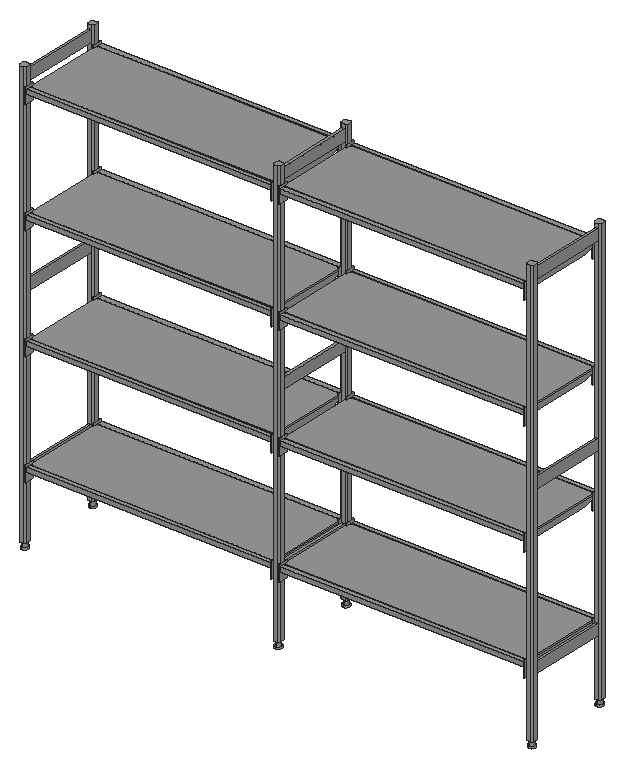
Revit family "QF_ELECTROLUXPROFESSIONAL_137024_ALS2048", category Attrezzature speciali, Revit 2020
Family settings
  Quota connettore circolare = Usa diametro
  Tipo di parte = Normale
  Basato su piano di lavoro = No
  Sempre verticale = Sì
  Taglio con vuoti quando caricato = No
  Condiviso = No
  Punto di calcolo locali = No
Parameters (values of type "Standard")
  Weight = 35.00 kg
  Watts = 0 W
  Volts = 0 V
  URL Manufacturer = "https://www.electroluxprofessional.com/"
  URL = "https://www.electroluxprofessional.com/"
  Steam Supply Size = 0 mm
  Steam Supply Minimum Pressure = 0.0 Pa
  Steam Supply Maximum Pressure = 0.0 Pa
  Steam Consumption per Hour = 0
  Refrigeration Suction Line Size = 0.0 mm
  Refrigeration Liquid Line Size = 0.0 mm
  Refrigerant Compressor Remote = yes
  Prospetto di default = 0.0 mm
  Phase = 0
  Modello = "ALS2048"
  Produttore = "Electrolux Professional"
  Length Actual = 2048.0 mm  # constant formula
  Item Number = "137024"
  Hot Water Size = 0 mm
  Height Actual = 1700.0 mm  # constant formula
  HP = "0 HP"
  Gas Size = 0 mm
  Gas KW = 0
  Gas Input Pressure = 0 W
  Direct Waste Size = 0 mm
  Descrizione = "ALUM.LINEAR SHELV.-POLY.TIERS-373X2048MM"
  Depth Actual = 373.0 mm  # constant formula
  Cycle = 0 Hz
  Condensate Return Size = 0 mm
  Compressed Air Volume = 0.0 L/s
  Compressed Air Size = 0 mm
  Compressed Air Pressure = 0.0 Pa
  Cold Water Size = 0 mm
  Accessory = yes
Reference planes
  plane 1: z = 0
  plane 2 "CenterLeft": x = -31
  plane 3 "LEFT": x = -417
  plane 4 "BACK": y = 23
  plane 5 "FRONT": y = -350
  plane 6 "TOP": z = 1700
  plane 7: x = -385
  plane 8: x = 589
  plane 9 "Center (Front/Back)": y = -163.5
  plane 10: y = -8.5
  plane 11: y = -318.5
  plane 12 "FEET": z = 25
  plane 13: z = 275
  plane 14: z = 725
  plane 15: z = 1175
  plane 16: z = 1625
  plane 17 "CXLeft": x = -403
  plane 18 "Center (Left/Right)": x = 607
  plane 19: y = 5.5
  plane 20 "CYBack": y = 5.5
  plane 21 "CYFront": y = -332.5
  plane 22 "RIGHT": x = 1631
  plane 23: x = 1599
  plane 24 "CXRight": x = 1617
  plane 25: x = 625
Forms (mm)
  Extrusion 1, solid, material "QF_Aluminum"
    sketch origin (-417, 0, -4.006) x (0, 1, 0) y (0, 0, 1)
      loop
        line (-12, 1637.003) -> (4, 1637.003) -> (4, 1655) -> (2.007, 1655) -> (2.007, 1648.501) -> (-329, 1648.501) -> (-329, 1655) -> (-331, 1655) -> (-331, 1637.003) -> (-315, 1637.003) -> (-281, 1625) -> (-46, 1625) -> (-12, 1637.003)
      loop
        line (-12, 1187.003) -> (4, 1187.003) -> (4, 1205) -> (2.007, 1205) -> (2.007, 1198.501) -> (-329, 1198.501) -> (-329, 1205) -> (-331, 1205) -> (-331, 1187.003) -> (-315, 1187.003) -> (-281, 1175) -> (-46, 1175) -> (-12, 1187.003)
      loop
        line (-12, 737.003) -> (4, 737.003) -> (4, 755) -> (2.007, 755) -> (2.007, 748.501) -> (-329, 748.501) -> (-329, 755) -> (-331, 755) -> (-331, 737.003) -> (-315, 737.003) -> (-281, 725) -> (-46, 725) -> (-12, 737.003)
      loop
        line (-12, 287.003) -> (4, 287.003) -> (4, 305) -> (2.007, 305) -> (2.007, 298.501) -> (-329, 298.501) -> (-329, 305) -> (-331, 305) -> (-331, 287.003) -> (-315, 287.003) -> (-281, 275) -> (-46, 275) -> (-12, 287.003)
    from 37 to 32
  Extrusion 2, solid, material "QF_Aluminum"
    sketch origin (-417, 0, 0) x (0, 1, 0) y (0, 0, 1)
      loop
        line (23, 246.005) -> (23, 307.993) -> (-12.993, 307.993) -> (-12.993, 246.005) -> (23, 246.005)
      loop
        line (-350, 246.005) -> (-314.007, 246.005) -> (-314.007, 307.993) -> (-350, 307.993) -> (-350, 246.005)
      loop
        line (23, 696.005) -> (23, 757.993) -> (-12.993, 757.993) -> (-12.993, 696.005) -> (23, 696.005)
      loop
        line (-350, 696.005) -> (-314.007, 696.005) -> (-314.007, 757.993) -> (-350, 757.993) -> (-350, 696.005)
      loop
        line (23, 1146.005) -> (23, 1207.993) -> (-12.993, 1207.993) -> (-12.993, 1146.005) -> (23, 1146.005)
      loop
        line (-350, 1146.005) -> (-314.007, 1146.005) -> (-314.007, 1207.993) -> (-350, 1207.993) -> (-350, 1146.005)
      loop
        line (23, 1596.005) -> (23, 1657.993) -> (-12.993, 1657.993) -> (-12.993, 1596.005) -> (23, 1596.005)
      loop
        line (-350, 1596.005) -> (-314.007, 1596.005) -> (-314.007, 1657.993) -> (-350, 1657.993) -> (-350, 1596.005)
    from 28 to 32
  Extrusion 3, solid, material "QF_Aluminum"
    sketch origin (-417, 0, 0) x (0, 1, 0) y (0, 0, 1)
      loop
        line (4, 1650.994) -> (4, 1632.998) -> (23, 1632.998) -> (23, 1650.994) -> (4, 1650.994)
      loop
        line (-331, 1650.994) -> (-350, 1650.994) -> (-350, 1632.998) -> (-331, 1632.998) -> (-331, 1650.994)
      loop
        line (4, 1200.994) -> (4, 1182.998) -> (23, 1182.998) -> (23, 1200.994) -> (4, 1200.994)
      loop
        line (-331, 1200.994) -> (-350, 1200.994) -> (-350, 1182.998) -> (-331, 1182.998) -> (-331, 1200.994)
      loop
        line (4, 750.994) -> (4, 732.998) -> (23, 732.998) -> (23, 750.994) -> (4, 750.994)
      loop
        line (-331, 750.994) -> (-350, 750.994) -> (-350, 732.998) -> (-331, 732.998) -> (-331, 750.994)
      loop
        line (4, 300.994) -> (4, 282.998) -> (23, 282.998) -> (23, 300.994) -> (4, 300.994)
      loop
        line (-331, 300.994) -> (-350, 300.994) -> (-350, 282.998) -> (-331, 282.998) -> (-331, 300.994)
    from 32 to 1006
  Extrusion 4, solid, material "QF_Polyethylene"
    sketch origin (-417, 0, 0) x (0, 1, 0) y (0, 0, 1)
      loop
        line (2.007, 1650.994) -> (-329, 1650.994) -> (-329, 1644.496) -> (2.007, 1644.496) -> (2.007, 1650.994)
      loop
        line (2.007, 1200.994) -> (-329, 1200.994) -> (-329, 1194.496) -> (2.007, 1194.496) -> (2.007, 1200.994)
      loop
        line (2.007, 750.994) -> (-329, 750.994) -> (-329, 744.496) -> (2.007, 744.496) -> (2.007, 750.994)
      loop
        line (2.007, 300.994) -> (-329, 300.994) -> (-329, 294.496) -> (2.007, 294.496) -> (2.007, 300.994)
    from 32 to 1006
  Extrusion 5, solid, material "QF_Aluminum"
    sketch origin (1631, 0, 0) x (0, 1, 0) y (0, 0, 1)
      loop
        line (4, 1650.994) -> (4, 1632.998) -> (23, 1632.998) -> (23, 1650.994) -> (4, 1650.994)
      loop
        line (-331, 1650.994) -> (-350, 1650.994) -> (-350, 1632.998) -> (-331, 1632.998) -> (-331, 1650.994)
      loop
        line (4, 1200.994) -> (4, 1182.998) -> (23, 1182.998) -> (23, 1200.994) -> (4, 1200.994)
      loop
        line (-331, 1200.994) -> (-350, 1200.994) -> (-350, 1182.998) -> (-331, 1182.998) -> (-331, 1200.994)
      loop
        line (4, 750.994) -> (4, 732.998) -> (23, 732.998) -> (23, 750.994) -> (4, 750.994)
      loop
        line (-331, 750.994) -> (-350, 750.994) -> (-350, 732.998) -> (-331, 732.998) -> (-331, 750.994)
      loop
        line (4, 300.994) -> (4, 282.998) -> (23, 282.998) -> (23, 300.994) -> (4, 300.994)
      loop
        line (-331, 300.994) -> (-350, 300.994) -> (-350, 282.998) -> (-331, 282.998) -> (-331, 300.994)
    from -32 to -1006
  Extrusion 6, solid, material "QF_Polyethylene"
    sketch origin (1631, 0, 0) x (0, 1, 0) y (0, 0, 1)
      loop
        line (2.007, 1650.994) -> (-329, 1650.994) -> (-329, 1644.496) -> (2.007, 1644.496) -> (2.007, 1650.994)
      loop
        line (2.007, 1200.994) -> (-329, 1200.994) -> (-329, 1194.496) -> (2.007, 1194.496) -> (2.007, 1200.994)
      loop
        line (2.007, 750.994) -> (-329, 750.994) -> (-329, 744.496) -> (2.007, 744.496) -> (2.007, 750.994)
      loop
        line (2.007, 300.994) -> (-329, 300.994) -> (-329, 294.496) -> (2.007, 294.496) -> (2.007, 300.994)
    from -32 to -1006
Lines and regions (mm)
  symbolic lines
    curve 1: line (589, 4, 1700) -> (-385, 4, 1700)
    curve 2: line (-408, -8.5, 1700) -> (-408, -318.5, 1700)
    curve 3: line (-398, -318.5, 1700) -> (-398, -8.5, 1700)
    curve 4: line (-389, 23, 1700) -> (593, 23, 1700)
    curve 5: line (-385, -350, 1700) -> (589, -350, 1700)
    curve 6: line (621, 23, 1700) -> (1603, 23, 1700)
    curve 7: line (621, -350, 1700) -> (1603, -350, 1700)
    curve 8: line (-385, -331, 1700) -> (589, -331, 1700)
    curve 9: line (625, -331, 1700) -> (1599, -331, 1700)
    curve 10: line (625, 4, 1700) -> (1599, 4, 1700)
    curve 11: line (1599, -12.993, 1700) -> (1599, -314.007, 1700)
    curve 12: line (589, -12.993, 1700) -> (589, -314.007, 1700)
    curve 13: line (625, -314.007, 1700) -> (625, -12.993, 1700)
    curve 14: line (-385, -12.993, 1700) -> (-385, -314.007, 1700)
Dimensions and locks
  plane 3 "LEFT" to plane 2 "CenterLeft" = 386.0 mm
  locked: plane 6 "TOP" to level at 1700
  locked: plane 4 "BACK" to plane 5 "FRONT" at 373
  locked: plane 7 to plane 8 at 974
  locked: plane 10 to plane 11 at 310
  equal spacing: plane 10, plane 9 "Center (Front/Back)", plane 11
  equal spacing: plane 4 "BACK", plane 9 "Center (Front/Back)", plane 5 "FRONT"
  plane 12 "FEET" to level = 25.0 mm
  plane 6 "TOP" to plane 12 "FEET" = 1675.0 mm
  plane 13 to plane 12 "FEET" = 250.0 mm
  plane 14 to plane 13 = 450.0 mm
  plane 15 to plane 14 = 450.0 mm
  plane 16 to plane 15 = 450.0 mm
  locked: plane 4 "BACK" to plane 20 "CYBack" at 17.5
  locked: plane 21 "CYFront" to plane 5 "FRONT" at 17.5
  locked: plane 4 "BACK" to Extrusion 1 at 19
  locked: Extrusion 1 to plane 5 "FRONT" at 19
  Extrusion 1 sketch curve to plane 21 "CYFront" = 3.5 mm
  plane 3 "LEFT" to plane 22 "RIGHT" = 2048.0 mm
  locked: plane 25 to plane 23 at 974
  locked: plane 8 to plane 18 "Center (Left/Right)" at 18
  locked: plane 18 "Center (Left/Right)" to plane 25 at 18
  locked: plane 3 "LEFT" to plane 7 at 32
  locked: plane 24 "CXRight" to plane 22 "RIGHT" at 14
  aligned and locked: level to plane 1
  aligned and locked: plane 7 to Extrusion 1
  aligned and locked: Extrusion 2 to plane 7
  aligned and locked: plane 7 to Extrusion 4
  aligned and locked: Extrusion 4 to plane 8
  aligned and locked: plane 7 to Extrusion 3
  aligned and locked: Extrusion 3 to plane 8
  aligned and locked: Extrusion 3 sketch curve to Extrusion 1
  aligned and locked: Extrusion 1 to Extrusion 3 sketch curve
  aligned and locked: Extrusion 3 sketch curve to Extrusion 3 sketch curve  (x2)
  aligned and locked: Extrusion 1 sketch curve to Extrusion 1 sketch curve  (x3)
  aligned and locked: Extrusion 4 sketch curve to Extrusion 1  (x4)
  aligned and locked: Extrusion 5 sketch curve to Extrusion 5 sketch curve  (x2)
  aligned and locked: Extrusion 5 to plane 25
  aligned and locked: Extrusion 6 to plane 25
  aligned and locked: plane 18 "Center (Left/Right)" to nested 3
  aligned and locked: plane 17 "CXLeft" to nested 1
  aligned and locked: Extrusion 3 to plane 7  (x3)
  aligned and locked: plane 8 to Extrusion 3  (x4)
  aligned and locked: plane 25 to Extrusion 5  (x4)
  aligned and locked: plane 25 to Extrusion 6  (x4)
  aligned and locked: plane 8 to Extrusion 4  (x4)
  aligned and locked: plane 24 "CXRight" to nested 2
  aligned and locked: Extrusion 5 to plane 23
  aligned and locked: Extrusion 6 to plane 23
  aligned and locked: plane 23 to Extrusion 5  (x3)
  aligned and locked: plane 23 to Extrusion 6  (x3)
Automatic sketch dimensions
  plane 21 "CYFront" to Extrusion 1 sketch curve = 1.5 mm  (x4)
  plane 11 to Extrusion 1 sketch curve = 3.5 mm  (x4)
  Extrusion 1 sketch curve to plane 13 = 4.006 mm
  Extrusion 1 sketch curve to Extrusion 1 sketch curve = 34.0 mm  (x4)
  Extrusion 1 sketch curve to plane 14 = 4.006 mm
  Extrusion 1 sketch curve to plane 15 = 4.006 mm
  Extrusion 1 sketch curve to plane 16 = 4.006 mm
  Extrusion 1 sketch curve to plane 10 = 37.5 mm  (x4)
  Extrusion 1 sketch curve to plane 10 = 3.5 mm  (x4)
  plane 19 to Extrusion 1 sketch curve = 3.493 mm  (x4)
  plane 19 to Extrusion 1 sketch curve = 1.5 mm  (x4)
  plane 13 to Extrusion 1 sketch curve = 7.998 mm  (x2)
  Extrusion 1 sketch curve to Extrusion 1 sketch curve = 11.498 mm  (x4)
  Extrusion 1 sketch curve to Extrusion 1 sketch curve = 6.499 mm  (x8)
  plane 14 to Extrusion 1 sketch curve = 7.998 mm  (x2)
  plane 15 to Extrusion 1 sketch curve = 7.998 mm  (x2)
  plane 16 to Extrusion 1 sketch curve = 7.998 mm  (x2)
  Extrusion 2 sketch curve to plane 5 "FRONT" = 0.0 mm  (x4)
  Extrusion 2 sketch curve to plane 4 "BACK" = 0.0 mm  (x4)
  plane 11 to Extrusion 2 sketch curve = 4.493 mm  (x4)
  Extrusion 2 sketch curve to plane 10 = 4.493 mm  (x4)
  Extrusion 2 sketch curve to plane 13 = 28.995 mm  (x2)
  plane 13 to Extrusion 2 sketch curve = 32.993 mm  (x2)
  Extrusion 2 sketch curve to plane 14 = 28.995 mm  (x2)
  plane 14 to Extrusion 2 sketch curve = 32.993 mm  (x2)
  Extrusion 2 sketch curve to plane 15 = 28.995 mm  (x2)
  plane 15 to Extrusion 2 sketch curve = 32.993 mm  (x2)
  Extrusion 2 sketch curve to plane 16 = 28.995 mm  (x2)
  plane 16 to Extrusion 2 sketch curve = 32.993 mm  (x2)
  Extrusion 3 sketch curve to plane 5 "FRONT" = 0.0 mm  (x4)
  Extrusion 3 sketch curve to plane 4 "BACK" = 0.0 mm  (x4)
  plane 19 to Extrusion 3 sketch curve = 1.5 mm  (x4)
  plane 13 to Extrusion 3 sketch curve = 7.998 mm  (x2)
  Extrusion 3 sketch curve to Extrusion 3 sketch curve = 17.997 mm  (x8)
  plane 14 to Extrusion 3 sketch curve = 7.998 mm  (x2)
  plane 15 to Extrusion 3 sketch curve = 7.998 mm  (x2)
  plane 16 to Extrusion 3 sketch curve = 7.998 mm  (x2)
  plane 19 to Extrusion 4 sketch curve = 3.493 mm  (x4)
  plane 13 to Extrusion 4 sketch curve = 19.496 mm
  Extrusion 4 sketch curve to Extrusion 4 sketch curve = 6.499 mm  (x4)
  plane 14 to Extrusion 4 sketch curve = 19.496 mm
  plane 15 to Extrusion 4 sketch curve = 19.496 mm
  plane 16 to Extrusion 4 sketch curve = 19.496 mm
  Extrusion 5 sketch curve to plane 5 "FRONT" = 0.0 mm  (x4)
  Extrusion 5 sketch curve to plane 4 "BACK" = 0.0 mm  (x4)
  plane 21 "CYFront" to Extrusion 5 sketch curve = 1.5 mm  (x2)
  plane 19 to Extrusion 5 sketch curve = 1.5 mm  (x4)
  plane 13 to Extrusion 5 sketch curve = 7.998 mm  (x2)
  Extrusion 5 sketch curve to Extrusion 5 sketch curve = 17.997 mm  (x8)
  plane 14 to Extrusion 5 sketch curve = 7.998 mm  (x2)
  plane 15 to Extrusion 5 sketch curve = 7.998 mm  (x2)
  plane 16 to Extrusion 5 sketch curve = 7.998 mm  (x2)
  plane 21 "CYFront" to Extrusion 6 sketch curve = 3.5 mm  (x4)
  plane 19 to Extrusion 6 sketch curve = 3.493 mm  (x4)
  plane 13 to Extrusion 6 sketch curve = 19.496 mm
  Extrusion 6 sketch curve to Extrusion 6 sketch curve = 6.499 mm  (x4)
  plane 14 to Extrusion 6 sketch curve = 19.496 mm
  plane 15 to Extrusion 6 sketch curve = 19.496 mm
  plane 16 to Extrusion 6 sketch curve = 19.496 mm
  curve 7 to plane 5 "FRONT" = 0.0 mm
  curve 5 to plane 5 "FRONT" = 0.0 mm
  curve 8 to plane 8 = 0.0 mm
  curve 9 to plane 25 = 0.0 mm
  curve 9 to plane 23 = 0.0 mm
  curve 8 to plane 7 = 0.0 mm
  curve 2 to plane 11 = 0.0 mm
  curve 3 to plane 11 = 0.0 mm
  curve 14 to plane 7 = 0.0 mm
  curve 13 to plane 25 = 0.0 mm
  curve 12 to plane 8 = 0.0 mm
  curve 11 to plane 23 = 0.0 mm
  curve 3 to plane 10 = 0.0 mm
  curve 2 to plane 10 = 0.0 mm
  curve 1 to plane 8 = 0.0 mm
  curve 1 to plane 7 = 0.0 mm
  curve 10 to plane 23 = 0.0 mm
  curve 10 to plane 25 = 0.0 mm
  curve 4 to plane 4 "BACK" = 0.0 mm
  curve 6 to plane 4 "BACK" = 0.0 mm
  curve 5 to plane 8 = 0.0 mm
  curve 5 to plane 7 = 0.0 mm
  plane 21 "CYFront" to curve 8 = 1.5 mm
  plane 21 "CYFront" to curve 9 = 1.5 mm
  plane 11 to curve 14 = 4.493 mm
  plane 11 to curve 13 = 4.493 mm
  plane 11 to curve 12 = 4.493 mm
  plane 11 to curve 11 = 4.493 mm
  curve 14 to plane 10 = 4.493 mm
  curve 13 to plane 10 = 4.493 mm
  curve 12 to plane 10 = 4.493 mm
  curve 11 to plane 10 = 4.493 mm
  plane 19 to curve 1 = 1.5 mm
  plane 19 to curve 10 = 1.5 mm
  curve 6 to plane 23 = 4.0 mm
  curve 7 to plane 23 = 4.0 mm
  curve 6 to plane 25 = 4.0 mm
  curve 7 to plane 25 = 4.0 mm
  curve 4 to plane 8 = 4.0 mm
  plane 7 to curve 4 = 4.0 mm
  plane 17 "CXLeft" to curve 3 = 5.0 mm
  curve 2 to plane 17 "CXLeft" = 5.0 mm
Nested families
  nested 1: "WT_Anta373" at (0, 0, 0), type "WT_Anta373"
  nested 2: "WT_Anta373" at (1214, 0, 0) x (-1, 0, 0) z (0, 0, 1), type "WT_Anta373"
  nested 3: "WT_Anta373Center" at (1010, 0, 0), type "WT_Anta373Center"
Definition of nested family "WT_Anta373"
  Parameters
    WidthLeft = A + 64.0 mm  # 772.0 mm
    Width = 1606.0 mm
    Right = WidthLeft / 2  # 386.0 mm
    Default Elevation = 0.0 mm
    Left = -WidthLeft / 2  # -386.0 mm
    Height = 1725.0 mm
    FEET = 25.0 mm
    E = 0.0 mm
    Dint = Depth - 63.0 mm  # 310.0 mm
    Dext = Depth - 8.0 mm  # 365.0 mm
    Depth = 373.0 mm
    DX = (WidthLeft - A) / 2  # 32.0 mm
    B = 798.0 mm
    A = 708.0 mm
  Reference planes
    plane 1: z = 0
    plane 2 "LEFT": x = -417
    plane 3 "BACK": y = 23
    plane 4 "FRONT": y = -350
    plane 5 "TOP": z = 1725
    plane 6 "Center (Front/Back)": y = -163.5
    plane 7: y = -8.5
    plane 8: y = -318.5
    plane 9 "FEET": z = 25
    plane 10: z = 275
    plane 11: z = 725
    plane 12: z = 1175
    plane 13: z = 1625
    plane 14 "CXLeft": x = -403
    plane 15: y = 5.5
    plane 16 "CYBack": y = 5.5
    plane 17 "CYFront": y = -332.5
    plane 18: x = -385.031
    plane 19: x = -380.031
  Forms (mm)
    Extrusion 1, solid
      sketch origin (0, 0, 0) x (1, 0, 0) y (0, 1, 0)
        loop
          line (-417, 13.246) -> (-417, -2.246) -> (-410.746, -8.5) -> (-395.254, -8.5) -> (-389, -2.246) -> (-389, 13.246) -> (-395.254, 19.5) -> (-410.746, 19.5) -> (-417, 13.246)
      from 1725 to 25
    Extrusion 2, solid
      sketch origin (-417, 0, 0) x (0, 1, 0) y (0, 0, 1)
        loop
          line (23, 246.005) -> (23, 307.993) -> (-12.993, 307.993) -> (-12.993, 246.005) -> (23, 246.005)
        loop
          line (-350, 246.005) -> (-314.007, 246.005) -> (-314.007, 307.993) -> (-350, 307.993) -> (-350, 246.005)
        loop
          line (23, 696.005) -> (23, 757.993) -> (-12.993, 757.993) -> (-12.993, 696.005) -> (23, 696.005)
        loop
          line (-350, 696.005) -> (-314.007, 696.005) -> (-314.007, 757.993) -> (-350, 757.993) -> (-350, 696.005)
        loop
          line (23, 1146.005) -> (23, 1207.993) -> (-12.993, 1207.993) -> (-12.993, 1146.005) -> (23, 1146.005)
        loop
          line (-350, 1146.005) -> (-314.007, 1146.005) -> (-314.007, 1207.993) -> (-350, 1207.993) -> (-350, 1146.005)
        loop
          line (23, 1596.005) -> (23, 1657.993) -> (-12.993, 1657.993) -> (-12.993, 1596.005) -> (23, 1596.005)
        loop
          line (-350, 1596.005) -> (-314.007, 1596.005) -> (-314.007, 1657.993) -> (-350, 1657.993) -> (-350, 1596.005)
      from 28 to 32
    Revolve 3, solid
      sketch origin (-403, 0, 0) x (0, 1, 0) y (0, 0, 1)
        loop
          line (5.5, 25) -> (5.5, 0) -> (19, 0) -> (19, 5) -> (14, 5) -> (14, 25) -> (5.5, 25)
        axis (5.5, 25) -> (5.5, 0)
      angle from 0 to 360
    Extrusion 4, solid
      sketch origin (-403, 0, 0) x (0, 1, 0) y (0, 0, 1)
        loop
          line (-8.5, 912.382) -> (-8.5, 957.374) -> (-318.5, 957.374) -> (-318.5, 912.382) -> (-8.5, 912.382)
        loop
          line (-8.5, 1662.244) -> (-8.5, 1707.236) -> (-318.5, 1707.236) -> (-318.5, 1662.244) -> (-8.5, 1662.244)
      from -5 to 5
    Revolve 5, solid
      sketch origin (-403, -627, 0) x (0, -1, 0) y (0, 0, 1)
        loop
          line (-294.5, 25) -> (-294.5, 0) -> (-281, 0) -> (-281, 5) -> (-286, 5) -> (-286, 25) -> (-294.5, 25)
        axis (-294.5, 25) -> (-294.5, 0)
      angle from 0 to 360
    Extrusion 6, solid
      sketch origin (0, -627, 0) x (1, 0, 0) y (0, 1, 0)
        loop
          line (-417, 286.754) -> (-410.746, 280.5) -> (-395.254, 280.5) -> (-389, 286.754) -> (-389, 302.246) -> (-395.254, 308.5) -> (-410.746, 308.5) -> (-417, 302.246) -> (-417, 286.754)
      from 1725 to 25
    Extrusion 7, solid
      sketch origin (-417.031, -0.022, 0) x (0, 1, 0) y (0, 0, -1)
        loop
          line (-12, -1632.998) -> (-46, -1620.994) -> (-281, -1620.994) -> (-315, -1632.998) -> (-331, -1632.998) -> (-331, -1650.994) -> (-329, -1650.994) -> (-329, -1644.496) -> (2.007, -1644.496) -> (2.007, -1650.994) -> (4, -1650.994) -> (4, -1632.998) -> (-12, -1632.998)
        loop
          line (-12, -1182.998) -> (-46, -1170.994) -> (-281, -1170.994) -> (-315, -1182.998) -> (-331, -1182.998) -> (-331, -1200.994) -> (-329, -1200.994) -> (-329, -1194.496) -> (2.007, -1194.496) -> (2.007, -1200.994) -> (4, -1200.994) -> (4, -1182.998) -> (-12, -1182.998)
        loop
          line (-12, -732.998) -> (-46, -720.994) -> (-281, -720.994) -> (-315, -732.998) -> (-331, -732.998) -> (-331, -750.994) -> (-329, -750.994) -> (-329, -744.496) -> (2.007, -744.496) -> (2.007, -750.994) -> (4, -750.994) -> (4, -732.998) -> (-12, -732.998)
        loop
          line (-12, -282.998) -> (-46, -270.994) -> (-281, -270.994) -> (-315, -282.998) -> (-331, -282.998) -> (-331, -300.994) -> (-329, -300.994) -> (-329, -294.496) -> (2.007, -294.496) -> (2.007, -300.994) -> (4, -300.994) -> (4, -282.998) -> (-12, -282.998)
      from -32 to -37
    Extrusion 8, solid
      sketch origin (-403, 0, -659.878) x (0, 1, 0) y (0, 0, 1)
        loop
          line (-8.5, 912.382) -> (-8.5, 957.374) -> (-318.5, 957.374) -> (-318.5, 912.382) -> (-8.5, 912.382)
        loop
          line (-8.5, 1572.382) -> (-8.5, 1617.374) -> (-318.5, 1617.374) -> (-318.5, 1572.382) -> (-8.5, 1572.382)
        loop
          line (-8.5, 2322.382) -> (-8.5, 2367.374) -> (-318.5, 2367.374) -> (-318.5, 2322.382) -> (-8.5, 2322.382)
      from -5 to 5
  Lines and regions (mm)
    symbolic lines
      curve 1: line (-408, -8.5, 1725) -> (-408, -318.5, 1725)
      curve 2: line (-398, -318.5, 1725) -> (-398, -8.5, 1725)
      curve 3: line (-395.254, -8.5, 1725) -> (-410.746, -8.5, 1725)
      curve 4: line (-417, -2.246, 1725) -> (-410.746, -8.5, 1725)
      curve 5: line (-417, 13.246, 1725) -> (-417, -2.246, 1725)
      curve 6: line (-410.746, 19.5, 1725) -> (-417, 13.246, 1725)
      curve 7: line (-395.254, 19.5, 1725) -> (-410.746, 19.5, 1725)
      curve 8: line (-389, 13.246, 1725) -> (-395.254, 19.5, 1725)
      curve 9: line (-395.254, -8.5, 1725) -> (-389, -2.246, 1725)
      curve 10: line (-395.254, -318.5, 1725) -> (-410.746, -318.5, 1725)
      curve 11: line (-417, -324.754, 1725) -> (-410.746, -318.5, 1725)
      curve 12: line (-410.746, -346.5, 1725) -> (-417, -340.246, 1725)
      curve 13: line (-395.254, -346.5, 1725) -> (-410.746, -346.5, 1725)
      curve 14: line (-389, -340.246, 1725) -> (-395.254, -346.5, 1725)
      curve 15: line (-395.254, -318.5, 1725) -> (-389, -324.754, 1725)
      curve 16: line (-389, -350, 1725) -> (-389, -314.007, 1725)
      curve 17: line (-389, -314.007, 1725) -> (-385, -314.007, 1725)
      curve 18: line (-389, 23, 1725) -> (-389, -12.993, 1725)
      curve 19: line (-389, -12.993, 1725) -> (-385, -12.993, 1725)
      curve 20: line (-417, -324.754, 1725) -> (-417, -340.246, 1725)
      curve 21: line (-385, -350, 1725) -> (-385, -314.007, 1725)
      curve 22: line (-385, -350, 1725) -> (-389, -350, 1725)
      curve 23: line (-385, 23, 1725) -> (-389, 23, 1725)
      curve 24: line (-385, -12.993, 1725) -> (-385, 23, 1725)
      curve 25: line (-385.031, -13.016, 1725) -> (-385.031, -314.029, 1725)
  Dimensions and locks
    "Height": plane 5 "TOP" to level
    "Depth": plane 3 "BACK" to plane 4 "FRONT"
    "Dint": plane 7 to plane 8
    equal spacing: plane 7, plane 6 "Center (Front/Back)", plane 8
    equal spacing: plane 3 "BACK", plane 6 "Center (Front/Back)", plane 4 "FRONT"
    plane 9 "FEET" to level = 25.0 mm
    plane 5 "TOP" to plane 9 "FEET" = 1700.0 mm
    plane 10 to plane 9 "FEET" = 250.0 mm
    plane 11 to plane 10 = 450.0 mm
    plane 12 to plane 11 = 450.0 mm
    plane 13 to plane 12 = 450.0 mm
    locked: plane 2 "LEFT" to plane 14 "CXLeft" at 14
    locked: plane 3 "BACK" to plane 16 "CYBack" at 17.5
    locked: plane 17 "CYFront" to plane 4 "FRONT" at 17.5
    locked: Revolve 3 sketch curve to Revolve 3 sketch curve at 8.5
    locked: Revolve 3 sketch curve to plane 16 "CYBack" at 13.5
    locked: Revolve 5 sketch curve to Revolve 5 sketch curve at 8.5
    aligned and locked: level to plane 1
    aligned and locked: curve 20 to Extrusion 6
    aligned and locked: plane 5 "TOP" to Extrusion 1
    aligned and locked: plane 5 "TOP" to Extrusion 6
    aligned and locked: Extrusion 7 sketch curve to Extrusion 7 sketch curve  (x3)
  Automatic sketch dimensions
    curve 16 to plane 4 "FRONT" = 0.0 mm
    curve 11 to plane 8 = 0.0 mm
    curve 9 to plane 7 = 0.0 mm
    curve 5 to plane 2 "LEFT" = 0.0 mm
    curve 23 to plane 3 "BACK" = 0.0 mm
    plane 4 "FRONT" to curve 13 = 3.5 mm
    curve 20 to plane 17 "CYFront" = 7.746 mm
    curve 20 to plane 8 = 6.254 mm
    plane 8 to curve 16 = 4.493 mm
    curve 24 to plane 18 = 0.031 mm
    curve 24 to plane 7 = 4.493 mm
    plane 7 to curve 5 = 6.254 mm
    curve 5 to plane 15 = 7.746 mm
    curve 6 to plane 3 "BACK" = 3.5 mm
    curve 21 to plane 18 = 0.031 mm
    plane 18 to curve 23 = 3.969 mm
    plane 18 to curve 16 = 3.969 mm
    curve 18 to curve 8 = 6.254 mm
    curve 18 to curve 3 = 6.254 mm
    curve 16 to curve 13 = 6.254 mm
    curve 16 to curve 15 = 6.254 mm
    plane 2 "LEFT" to curve 10 = 6.254 mm
    plane 2 "LEFT" to curve 7 = 6.254 mm
    plane 2 "LEFT" to curve 12 = 6.254 mm
    plane 2 "LEFT" to curve 3 = 6.254 mm
    curve 14 to plane 17 "CYFront" = 7.746 mm
    curve 15 to plane 8 = 6.254 mm
    plane 7 to curve 9 = 6.254 mm
    curve 8 to plane 15 = 7.746 mm
    curve 3 to curve 2 = 2.746 mm
    curve 1 to curve 10 = 2.746 mm
    Extrusion 1 sketch curve to plane 2 "LEFT" = 0.0 mm
    Extrusion 1 sketch curve to plane 7 = 0.0 mm
    plane 2 "LEFT" to Extrusion 1 sketch curve = 6.254 mm  (x2)
    plane 14 "CXLeft" to Extrusion 1 sketch curve = 7.746 mm  (x2)
    Extrusion 1 sketch curve to plane 3 "BACK" = 3.5 mm
    plane 18 to Extrusion 1 sketch curve = 3.969 mm
    plane 7 to Extrusion 1 sketch curve = 6.254 mm  (x2)
    Extrusion 1 sketch curve to plane 15 = 7.746 mm  (x2)
    Extrusion 2 sketch curve to plane 4 "FRONT" = 0.0 mm  (x4)
    Extrusion 2 sketch curve to plane 3 "BACK" = 0.0 mm  (x4)
    plane 8 to Extrusion 2 sketch curve = 4.493 mm  (x4)
    Extrusion 2 sketch curve to plane 7 = 4.493 mm  (x4)
    Extrusion 2 sketch curve to plane 10 = 28.995 mm  (x2)
    plane 10 to Extrusion 2 sketch curve = 32.993 mm  (x2)
    Extrusion 2 sketch curve to plane 11 = 28.995 mm  (x2)
    plane 11 to Extrusion 2 sketch curve = 32.993 mm  (x2)
    Extrusion 2 sketch curve to plane 12 = 28.995 mm  (x2)
    plane 12 to Extrusion 2 sketch curve = 32.993 mm  (x2)
    Extrusion 2 sketch curve to plane 13 = 28.995 mm  (x2)
    plane 13 to Extrusion 2 sketch curve = 32.993 mm  (x2)
    Revolve 3 sketch curve to plane 9 "FEET" = 0.0 mm  (x2)
    Revolve 3 sketch curve to plane 15 = 0.0 mm  (x2)
    Revolve 3 sketch curve to level = 0.0 mm
    level to Revolve 3 sketch curve = 5.0 mm
    Revolve 3 sketch curve to Revolve 3 sketch curve = 11.655 mm
    Extrusion 4 sketch curve to plane 8 = 0.0 mm  (x2)
    Extrusion 4 sketch curve to plane 7 = 0.0 mm  (x2)
    plane 11 to Extrusion 4 sketch curve = 187.382 mm
    Extrusion 4 sketch curve to Extrusion 4 sketch curve = 44.992 mm
    plane 13 to Extrusion 4 sketch curve = 37.244 mm
    Extrusion 4 sketch curve to plane 5 "TOP" = 17.764 mm
    Revolve 5 sketch curve to plane 9 "FEET" = 0.0 mm  (x2)
    Revolve 5 sketch curve to plane 17 "CYFront" = 0.0 mm  (x2)
    Revolve 5 sketch curve to level = 0.0 mm
    Revolve 5 sketch curve to plane 4 "FRONT" = 4.0 mm
    Revolve 5 sketch curve to Revolve 5 sketch curve = 5.0 mm
    level to Revolve 5 sketch curve = 11.655 mm
    Extrusion 6 sketch curve to plane 2 "LEFT" = 0.0 mm
    Extrusion 6 sketch curve to plane 8 = 0.0 mm
    Extrusion 6 sketch curve to plane 2 "LEFT" = 6.254 mm  (x2)
    Extrusion 6 sketch curve to plane 14 "CXLeft" = 7.746 mm  (x2)
    Extrusion 6 sketch curve to plane 4 "FRONT" = 3.5 mm
    Extrusion 6 sketch curve to plane 18 = 3.969 mm
    plane 8 to Extrusion 6 sketch curve = 6.254 mm  (x2)
    plane 17 "CYFront" to Extrusion 6 sketch curve = 7.746 mm  (x2)
    plane 17 "CYFront" to Extrusion 7 sketch curve = 1.478 mm  (x4)
    Extrusion 7 sketch curve to Extrusion 7 sketch curve = 2.0 mm
    plane 8 to Extrusion 7 sketch curve = 3.478 mm  (x4)
    Extrusion 7 sketch curve to plane 10 = 4.006 mm
    Extrusion 7 sketch curve to Extrusion 7 sketch curve = 34.0 mm  (x4)
    Extrusion 7 sketch curve to plane 11 = 4.006 mm
    Extrusion 7 sketch curve to plane 12 = 4.006 mm
    Extrusion 7 sketch curve to plane 13 = 4.006 mm
    Extrusion 7 sketch curve to plane 7 = 37.522 mm  (x4)
    Extrusion 7 sketch curve to plane 7 = 3.522 mm  (x4)
    plane 15 to Extrusion 7 sketch curve = 3.516 mm  (x4)
    plane 15 to Extrusion 7 sketch curve = 1.522 mm  (x4)
    plane 13 to Extrusion 7 sketch curve = 7.998 mm  (x2)
    Extrusion 7 sketch curve to Extrusion 7 sketch curve = 11.498 mm
    Extrusion 7 sketch curve to Extrusion 7 sketch curve = 6.499 mm  (x5)
    plane 12 to Extrusion 7 sketch curve = 25.994 mm  (x2)
    plane 12 to Extrusion 7 sketch curve = 7.998 mm  (x2)
    plane 11 to Extrusion 7 sketch curve = 25.994 mm  (x2)
    plane 11 to Extrusion 7 sketch curve = 7.998 mm  (x2)
    plane 10 to Extrusion 7 sketch curve = 25.994 mm  (x2)
    plane 10 to Extrusion 7 sketch curve = 7.998 mm  (x2)
    curve 25 to plane 18 = 0.0 mm
    plane 8 to curve 25 = 4.471 mm
    curve 25 to plane 7 = 4.516 mm
    Extrusion 8 sketch curve to plane 8 = 0.0 mm  (x3)
    Extrusion 8 sketch curve to plane 7 = 0.0 mm  (x3)
    Extrusion 8 sketch curve to plane 10 = 22.496 mm
    plane 10 to Extrusion 8 sketch curve = 22.496 mm
    plane 11 to Extrusion 8 sketch curve = 187.504 mm
    Extrusion 8 sketch curve to Extrusion 8 sketch curve = 44.992 mm
    plane 13 to Extrusion 8 sketch curve = 37.504 mm
    Extrusion 8 sketch curve to plane 5 "TOP" = 17.504 mm
Definition of nested family "WT_Anta373Center"
  Parameters
    WidthLeft = A + 64.0 mm  # 772.0 mm
    Width = 1606.0 mm
    Right = WidthLeft / 2  # 386.0 mm
    Default Elevation = 0.0 mm
    Left = -WidthLeft / 2  # -386.0 mm
    Height = 1725.0 mm
    FEET = 25.0 mm
    E = 0.0 mm
    Dint = Depth - 63.0 mm  # 310.0 mm
    Dext = Depth - 8.0 mm  # 365.0 mm
    Depth = 373.0 mm
    DX = (WidthLeft - A) / 2  # 32.0 mm
    B = 798.0 mm
    A = 708.0 mm
  Reference planes
    plane 1: z = 0
    plane 2 "L": x = -417
    plane 3 "BACK": y = 23
    plane 4 "FRONT": y = -350
    plane 5 "TOP": z = 1725
    plane 6 "Center (Front/Back)": y = -163.5
    plane 7: y = -8.5
    plane 8: y = -318.5
    plane 9 "FEET": z = 25
    plane 10: z = 275
    plane 11: z = 725
    plane 12: z = 1175
    plane 13: z = 1625
    plane 14 "CXLeft": x = -403
    plane 15: y = 5.5
    plane 16 "CYBack": y = 5.5
    plane 17 "CYFront": y = -332.5
    plane 18: x = -385.031
    plane 19 "RIGHT": x = -380.031
    plane 20: x = -420.969
    plane 21 "LEFT": x = -425.969
  Forms (mm)
    Extrusion 1, solid
      sketch origin (0, 0, 0) x (1, 0, 0) y (0, 1, 0)
        loop
          line (-417, 13.246) -> (-417, -2.246) -> (-410.746, -8.5) -> (-395.254, -8.5) -> (-389, -2.246) -> (-389, 13.246) -> (-395.254, 19.5) -> (-410.746, 19.5) -> (-417, 13.246)
      from 1725 to 25
    Extrusion 2, solid
      sketch origin (-417, 0, 0) x (0, 1, 0) y (0, 0, 1)
        loop
          line (23, 246.005) -> (23, 307.993) -> (-12.993, 307.993) -> (-12.993, 246.005) -> (23, 246.005)
        loop
          line (-350, 246.005) -> (-314.007, 246.005) -> (-314.007, 307.993) -> (-350, 307.993) -> (-350, 246.005)
        loop
          line (23, 696.005) -> (23, 757.993) -> (-12.993, 757.993) -> (-12.993, 696.005) -> (23, 696.005)
        loop
          line (-350, 696.005) -> (-314.007, 696.005) -> (-314.007, 757.993) -> (-350, 757.993) -> (-350, 696.005)
        loop
          line (23, 1146.005) -> (23, 1207.993) -> (-12.993, 1207.993) -> (-12.993, 1146.005) -> (23, 1146.005)
        loop
          line (-350, 1146.005) -> (-314.007, 1146.005) -> (-314.007, 1207.993) -> (-350, 1207.993) -> (-350, 1146.005)
        loop
          line (23, 1596.005) -> (23, 1657.993) -> (-12.993, 1657.993) -> (-12.993, 1596.005) -> (23, 1596.005)
        loop
          line (-350, 1596.005) -> (-314.007, 1596.005) -> (-314.007, 1657.993) -> (-350, 1657.993) -> (-350, 1596.005)
      from 28 to 32
    Revolve 3, solid
      sketch origin (-403, 0, 0) x (0, 1, 0) y (0, 0, 1)
        loop
          line (5.5, 25) -> (5.5, 0) -> (19, 0) -> (19, 5) -> (14, 5) -> (14, 25) -> (5.5, 25)
        axis (5.5, 25) -> (5.5, 0)
      angle from 0 to 360
    Extrusion 4, solid
      sketch origin (-403, 0, 0) x (0, 1, 0) y (0, 0, 1)
        loop
          line (-8.5, 912.382) -> (-8.5, 957.374) -> (-318.5, 957.374) -> (-318.5, 912.382) -> (-8.5, 912.382)
        loop
          line (-8.5, 1662.244) -> (-8.5, 1707.236) -> (-318.5, 1707.236) -> (-318.5, 1662.244) -> (-8.5, 1662.244)
      from -5 to 5
    Revolve 5, solid
      sketch origin (-403, -627, 0) x (0, -1, 0) y (0, 0, 1)
        loop
          line (-294.5, 25) -> (-294.5, 0) -> (-281, 0) -> (-281, 5) -> (-286, 5) -> (-286, 25) -> (-294.5, 25)
        axis (-294.5, 25) -> (-294.5, 0)
      angle from 0 to 360
    Extrusion 6, solid
      sketch origin (0, -627, 0) x (1, 0, 0) y (0, 1, 0)
        loop
          line (-417, 286.754) -> (-410.746, 280.5) -> (-395.254, 280.5) -> (-389, 286.754) -> (-389, 302.246) -> (-395.254, 308.5) -> (-410.746, 308.5) -> (-417, 302.246) -> (-417, 286.754)
      from 1725 to 25
    Extrusion 7, solid
      sketch origin (-417.031, -0.022, 0) x (0, 1, 0) y (0, 0, -1)
        loop
          line (-12, -1632.998) -> (-46, -1620.994) -> (-281, -1620.994) -> (-315, -1632.998) -> (-331, -1632.998) -> (-331, -1650.994) -> (-329, -1650.994) -> (-329, -1644.496) -> (2.007, -1644.496) -> (2.007, -1650.994) -> (4, -1650.994) -> (4, -1632.998) -> (-12, -1632.998)
        loop
          line (-12, -1182.998) -> (-46, -1170.994) -> (-281, -1170.994) -> (-315, -1182.998) -> (-331, -1182.998) -> (-331, -1200.994) -> (-329, -1200.994) -> (-329, -1194.496) -> (2.007, -1194.496) -> (2.007, -1200.994) -> (4, -1200.994) -> (4, -1182.998) -> (-12, -1182.998)
        loop
          line (-12, -732.998) -> (-46, -720.994) -> (-281, -720.994) -> (-315, -732.998) -> (-331, -732.998) -> (-331, -750.994) -> (-329, -750.994) -> (-329, -744.496) -> (2.007, -744.496) -> (2.007, -750.994) -> (4, -750.994) -> (4, -732.998) -> (-12, -732.998)
        loop
          line (-12, -282.998) -> (-46, -270.994) -> (-281, -270.994) -> (-315, -282.998) -> (-331, -282.998) -> (-331, -300.994) -> (-329, -300.994) -> (-329, -294.496) -> (2.007, -294.496) -> (2.007, -300.994) -> (4, -300.994) -> (4, -282.998) -> (-12, -282.998)
      from -32 to -37
    Extrusion 8, solid
      sketch origin (-403, 0, -659.878) x (0, 1, 0) y (0, 0, 1)
        loop
          line (-8.5, 912.382) -> (-8.5, 957.374) -> (-318.5, 957.374) -> (-318.5, 912.382) -> (-8.5, 912.382)
        loop
          line (-8.5, 1572.382) -> (-8.5, 1617.374) -> (-318.5, 1617.374) -> (-318.5, 1572.382) -> (-8.5, 1572.382)
        loop
          line (-8.5, 2322.382) -> (-8.5, 2367.374) -> (-318.5, 2367.374) -> (-318.5, 2322.382) -> (-8.5, 2322.382)
      from -5 to 5
    Extrusion 9, solid
      sketch origin (-389, 0, 0) x (0, 1, 0) y (0, 0, -1)
        loop
          line (23, -246.005) -> (-12.993, -246.005) -> (-12.993, -307.993) -> (23, -307.993) -> (23, -246.005)
        loop
          line (-350, -246.005) -> (-350, -307.993) -> (-314.007, -307.993) -> (-314.007, -246.005) -> (-350, -246.005)
        loop
          line (23, -696.005) -> (-12.993, -696.005) -> (-12.993, -757.993) -> (23, -757.993) -> (23, -696.005)
        loop
          line (-350, -696.005) -> (-350, -757.993) -> (-314.007, -757.993) -> (-314.007, -696.005) -> (-350, -696.005)
        loop
          line (23, -1146.005) -> (-12.993, -1146.005) -> (-12.993, -1207.993) -> (23, -1207.993) -> (23, -1146.005)
        loop
          line (-350, -1146.005) -> (-350, -1207.993) -> (-314.007, -1207.993) -> (-314.007, -1146.005) -> (-350, -1146.005)
        loop
          line (23, -1596.005) -> (-12.993, -1596.005) -> (-12.993, -1657.993) -> (23, -1657.993) -> (23, -1596.005)
        loop
          line (-350, -1596.005) -> (-350, -1657.993) -> (-314.007, -1657.993) -> (-314.007, -1596.005) -> (-350, -1596.005)
      from 28 to 32
    Extrusion 10, solid
      sketch origin (-388.969, -0.022, 0) x (0, 1, 0) y (0, 0, 1)
        loop
          line (-12, 1632.998) -> (4, 1632.998) -> (4, 1650.994) -> (2.007, 1650.994) -> (2.007, 1644.496) -> (-329, 1644.496) -> (-329, 1650.994) -> (-331, 1650.994) -> (-331, 1632.998) -> (-315, 1632.998) -> (-281, 1620.994) -> (-46, 1620.994) -> (-12, 1632.998)
        loop
          line (-12, 1182.998) -> (4, 1182.998) -> (4, 1200.994) -> (2.007, 1200.994) -> (2.007, 1194.496) -> (-329, 1194.496) -> (-329, 1200.994) -> (-331, 1200.994) -> (-331, 1182.998) -> (-315, 1182.998) -> (-281, 1170.994) -> (-46, 1170.994) -> (-12, 1182.998)
        loop
          line (-12, 732.998) -> (4, 732.998) -> (4, 750.994) -> (2.007, 750.994) -> (2.007, 744.496) -> (-329, 744.496) -> (-329, 750.994) -> (-331, 750.994) -> (-331, 732.998) -> (-315, 732.998) -> (-281, 720.994) -> (-46, 720.994) -> (-12, 732.998)
        loop
          line (-12, 282.998) -> (4, 282.998) -> (4, 300.994) -> (2.007, 300.994) -> (2.007, 294.496) -> (-329, 294.496) -> (-329, 300.994) -> (-331, 300.994) -> (-331, 282.998) -> (-315, 282.998) -> (-281, 270.994) -> (-46, 270.994) -> (-12, 282.998)
      from -32 to -37
  Lines and regions (mm)
    symbolic lines
      curve 1: line (-408, -8.5, 1725) -> (-408, -318.5, 1725)
      curve 2: line (-398, -318.5, 1725) -> (-398, -8.5, 1725)
      curve 3: line (-395.254, -8.5, 1725) -> (-410.746, -8.5, 1725)
      curve 4: line (-417, -2.246, 1725) -> (-410.746, -8.5, 1725)
      curve 5: line (-410.746, 19.5, 1725) -> (-417, 13.246, 1725)
      curve 6: line (-395.254, 19.5, 1725) -> (-410.746, 19.5, 1725)
      curve 7: line (-389, 13.246, 1725) -> (-395.254, 19.5, 1725)
      curve 8: line (-395.254, -8.5, 1725) -> (-389, -2.246, 1725)
      curve 9: line (-395.254, -318.5, 1725) -> (-410.746, -318.5, 1725)
      curve 10: line (-417, -324.754, 1725) -> (-410.746, -318.5, 1725)
      curve 11: line (-410.746, -346.5, 1725) -> (-417, -340.246, 1725)
      curve 12: line (-395.254, -346.5, 1725) -> (-410.746, -346.5, 1725)
      curve 13: line (-389, -340.246, 1725) -> (-395.254, -346.5, 1725)
      curve 14: line (-395.254, -318.5, 1725) -> (-389, -324.754, 1725)
      curve 15: line (-389, -350, 1725) -> (-389, -314.007, 1725)
      curve 16: line (-389, -314.007, 1725) -> (-385, -314.007, 1725)
      curve 17: line (-389, 23, 1725) -> (-389, -12.993, 1725)
      curve 18: line (-389, -12.993, 1725) -> (-385, -12.993, 1725)
      curve 19: line (-385, -350, 1725) -> (-385, -314.007, 1725)
      curve 20: line (-385, -350, 1725) -> (-389, -350, 1725)
      curve 21: line (-385, 23, 1725) -> (-389, 23, 1725)
      curve 22: line (-385, -12.993, 1725) -> (-385, 23, 1725)
      curve 23: line (-385.031, -13.016, 1725) -> (-385.031, -314.029, 1725)
      curve 24: line (-417, -350, 1725) -> (-417, -314.007, 1725)
      curve 25: line (-417, -314.007, 1725) -> (-421, -314.007, 1725)
      curve 26: line (-417, 23, 1725) -> (-417, -12.993, 1725)
      curve 27: line (-417, -12.993, 1725) -> (-421, -12.993, 1725)
      curve 28: line (-421, -350, 1725) -> (-421, -314.007, 1725)
      curve 29: line (-421, -350, 1725) -> (-417, -350, 1725)
      curve 30: line (-421, 23, 1725) -> (-417, 23, 1725)
      curve 31: line (-421, -12.993, 1725) -> (-421, 23, 1725)
      curve 32: line (-420.969, -13.016, 1725) -> (-420.969, -314.029, 1725)
  Dimensions and locks
    "Height": plane 5 "TOP" to level
    "Depth": plane 3 "BACK" to plane 4 "FRONT"
    "Dint": plane 7 to plane 8
    equal spacing: plane 7, plane 6 "Center (Front/Back)", plane 8
    equal spacing: plane 3 "BACK", plane 6 "Center (Front/Back)", plane 4 "FRONT"
    plane 9 "FEET" to level = 25.0 mm
    plane 5 "TOP" to plane 9 "FEET" = 1700.0 mm
    plane 10 to plane 9 "FEET" = 250.0 mm
    plane 11 to plane 10 = 450.0 mm
    plane 12 to plane 11 = 450.0 mm
    plane 13 to plane 12 = 450.0 mm
    locked: plane 3 "BACK" to plane 16 "CYBack" at 17.5
    locked: plane 17 "CYFront" to plane 4 "FRONT" at 17.5
    locked: Revolve 3 sketch curve to Revolve 3 sketch curve at 8.5
    locked: Revolve 3 sketch curve to plane 16 "CYBack" at 13.5
    locked: Revolve 5 sketch curve to Revolve 5 sketch curve at 8.5
    aligned and locked: level to plane 1
    aligned and locked: plane 5 "TOP" to Extrusion 1
    aligned and locked: plane 5 "TOP" to Extrusion 6
    aligned and locked: Extrusion 7 sketch curve to Extrusion 7 sketch curve  (x3)
    aligned and locked: Extrusion 10 sketch curve to Extrusion 10 sketch curve  (x3)
  Automatic sketch dimensions
    curve 15 to plane 4 "FRONT" = 0.0 mm
    curve 28 to plane 4 "FRONT" = 0.0 mm
    curve 9 to plane 8 = 0.0 mm
    curve 25 to plane 2 "L" = 0.0 mm
    curve 8 to plane 7 = 0.0 mm
    curve 17 to plane 3 "BACK" = 0.0 mm
    curve 30 to plane 3 "BACK" = 0.0 mm
    plane 4 "FRONT" to curve 11 = 3.5 mm
    curve 19 to plane 18 = 0.031 mm
    plane 8 to curve 19 = 4.493 mm
    plane 8 to curve 25 = 4.493 mm
    curve 27 to plane 20 = 0.031 mm
    curve 27 to plane 7 = 4.493 mm
    curve 17 to plane 7 = 4.493 mm
    curve 5 to plane 15 = 7.746 mm
    curve 7 to plane 3 "BACK" = 3.5 mm
    curve 18 to plane 18 = 0.031 mm
    plane 18 to curve 21 = 3.969 mm
    plane 18 to curve 20 = 3.969 mm
    curve 15 to curve 9 = 6.254 mm
    curve 17 to curve 7 = 6.254 mm
    curve 17 to curve 3 = 6.254 mm
    curve 15 to curve 12 = 6.254 mm
    plane 2 "L" to curve 12 = 6.254 mm
    plane 2 "L" to curve 4 = 6.254 mm
    plane 2 "L" to curve 10 = 6.254 mm
    plane 2 "L" to curve 5 = 6.254 mm
    curve 28 to plane 20 = 0.031 mm
    curve 13 to plane 17 "CYFront" = 7.746 mm
    curve 14 to plane 8 = 6.254 mm
    plane 7 to curve 8 = 6.254 mm
    curve 7 to plane 15 = 7.746 mm
    curve 9 to curve 2 = 2.746 mm
    curve 1 to curve 9 = 2.746 mm
    Extrusion 1 sketch curve to plane 2 "L" = 0.0 mm
    Extrusion 1 sketch curve to plane 7 = 0.0 mm
    plane 2 "L" to Extrusion 1 sketch curve = 6.254 mm  (x2)
    plane 14 "CXLeft" to Extrusion 1 sketch curve = 7.746 mm  (x2)
    Extrusion 1 sketch curve to plane 3 "BACK" = 3.5 mm
    plane 18 to Extrusion 1 sketch curve = 3.969 mm
    plane 7 to Extrusion 1 sketch curve = 6.254 mm  (x2)
    Extrusion 1 sketch curve to plane 15 = 7.746 mm  (x2)
    Extrusion 2 sketch curve to plane 4 "FRONT" = 0.0 mm  (x4)
    Extrusion 2 sketch curve to plane 3 "BACK" = 0.0 mm  (x4)
    plane 8 to Extrusion 2 sketch curve = 4.493 mm  (x4)
    Extrusion 2 sketch curve to plane 7 = 4.493 mm  (x4)
    Extrusion 2 sketch curve to plane 10 = 28.995 mm  (x2)
    plane 10 to Extrusion 2 sketch curve = 32.993 mm  (x2)
    Extrusion 2 sketch curve to plane 11 = 28.995 mm  (x2)
    plane 11 to Extrusion 2 sketch curve = 32.993 mm  (x2)
    Extrusion 2 sketch curve to plane 12 = 28.995 mm  (x2)
    plane 12 to Extrusion 2 sketch curve = 32.993 mm  (x2)
    Extrusion 2 sketch curve to plane 13 = 28.995 mm  (x2)
    plane 13 to Extrusion 2 sketch curve = 32.993 mm  (x2)
    Revolve 3 sketch curve to plane 9 "FEET" = 0.0 mm  (x2)
    Revolve 3 sketch curve to plane 15 = 0.0 mm  (x2)
    Revolve 3 sketch curve to level = 0.0 mm
    level to Revolve 3 sketch curve = 5.0 mm
    Revolve 3 sketch curve to Revolve 3 sketch curve = 11.655 mm
    Extrusion 4 sketch curve to plane 8 = 0.0 mm  (x2)
    Extrusion 4 sketch curve to plane 7 = 0.0 mm  (x2)
    plane 11 to Extrusion 4 sketch curve = 187.382 mm
    Extrusion 4 sketch curve to Extrusion 4 sketch curve = 44.992 mm
    plane 13 to Extrusion 4 sketch curve = 37.244 mm
    Extrusion 4 sketch curve to plane 5 "TOP" = 17.764 mm
    Revolve 5 sketch curve to plane 9 "FEET" = 0.0 mm  (x2)
    Revolve 5 sketch curve to plane 17 "CYFront" = 0.0 mm  (x2)
    Revolve 5 sketch curve to level = 0.0 mm
    Revolve 5 sketch curve to plane 4 "FRONT" = 4.0 mm
    Revolve 5 sketch curve to Revolve 5 sketch curve = 5.0 mm
    level to Revolve 5 sketch curve = 11.655 mm
    Extrusion 6 sketch curve to plane 2 "L" = 0.0 mm
    Extrusion 6 sketch curve to plane 8 = 0.0 mm
    Extrusion 6 sketch curve to plane 2 "L" = 6.254 mm  (x2)
    Extrusion 6 sketch curve to plane 14 "CXLeft" = 7.746 mm  (x2)
    Extrusion 6 sketch curve to plane 4 "FRONT" = 3.5 mm
    Extrusion 6 sketch curve to plane 18 = 3.969 mm
    plane 8 to Extrusion 6 sketch curve = 6.254 mm  (x2)
    plane 17 "CYFront" to Extrusion 6 sketch curve = 7.746 mm  (x2)
    plane 17 "CYFront" to Extrusion 7 sketch curve = 1.478 mm  (x4)
    Extrusion 7 sketch curve to Extrusion 7 sketch curve = 2.0 mm
    plane 8 to Extrusion 7 sketch curve = 3.478 mm  (x4)
    Extrusion 7 sketch curve to plane 10 = 4.006 mm
    Extrusion 7 sketch curve to Extrusion 7 sketch curve = 34.0 mm  (x4)
    Extrusion 7 sketch curve to plane 11 = 4.006 mm
    Extrusion 7 sketch curve to plane 12 = 4.006 mm
    Extrusion 7 sketch curve to plane 13 = 4.006 mm
    Extrusion 7 sketch curve to plane 7 = 37.522 mm  (x4)
    Extrusion 7 sketch curve to plane 7 = 3.522 mm  (x4)
    plane 15 to Extrusion 7 sketch curve = 3.516 mm  (x4)
    plane 15 to Extrusion 7 sketch curve = 1.522 mm  (x4)
    plane 13 to Extrusion 7 sketch curve = 7.998 mm  (x2)
    Extrusion 7 sketch curve to Extrusion 7 sketch curve = 11.498 mm
    Extrusion 7 sketch curve to Extrusion 7 sketch curve = 6.499 mm  (x5)
    plane 12 to Extrusion 7 sketch curve = 25.994 mm  (x2)
    plane 12 to Extrusion 7 sketch curve = 7.998 mm  (x2)
    plane 11 to Extrusion 7 sketch curve = 25.994 mm  (x2)
    plane 11 to Extrusion 7 sketch curve = 7.998 mm  (x2)
    plane 10 to Extrusion 7 sketch curve = 25.994 mm  (x2)
    plane 10 to Extrusion 7 sketch curve = 7.998 mm  (x2)
    curve 23 to plane 18 = 0.0 mm
    curve 32 to plane 20 = 0.0 mm
    plane 8 to curve 23 = 4.471 mm
    plane 8 to curve 32 = 4.471 mm
    curve 32 to plane 7 = 4.516 mm
    curve 23 to plane 7 = 4.516 mm
    Extrusion 8 sketch curve to plane 8 = 0.0 mm  (x3)
    Extrusion 8 sketch curve to plane 7 = 0.0 mm  (x3)
    Extrusion 8 sketch curve to plane 10 = 22.496 mm
    plane 10 to Extrusion 8 sketch curve = 22.496 mm
    plane 11 to Extrusion 8 sketch curve = 187.504 mm
    Extrusion 8 sketch curve to Extrusion 8 sketch curve = 44.992 mm
    plane 13 to Extrusion 8 sketch curve = 37.504 mm
    Extrusion 8 sketch curve to plane 5 "TOP" = 17.504 mm
    Extrusion 9 sketch curve to plane 4 "FRONT" = 0.0 mm  (x4)
    Extrusion 9 sketch curve to plane 3 "BACK" = 0.0 mm  (x4)
    plane 8 to Extrusion 9 sketch curve = 4.493 mm  (x4)
    Extrusion 9 sketch curve to plane 7 = 4.493 mm  (x4)
    plane 13 to Extrusion 9 sketch curve = 32.993 mm  (x2)
    Extrusion 9 sketch curve to plane 13 = 28.995 mm  (x2)
    plane 12 to Extrusion 9 sketch curve = 32.993 mm  (x2)
    Extrusion 9 sketch curve to plane 12 = 28.995 mm  (x2)
    plane 11 to Extrusion 9 sketch curve = 32.993 mm  (x2)
    Extrusion 9 sketch curve to plane 11 = 28.995 mm  (x2)
    plane 10 to Extrusion 9 sketch curve = 32.993 mm  (x2)
    Extrusion 9 sketch curve to plane 10 = 28.995 mm  (x2)
    plane 17 "CYFront" to Extrusion 10 sketch curve = 1.478 mm  (x4)
    Extrusion 10 sketch curve to Extrusion 10 sketch curve = 2.0 mm
    plane 8 to Extrusion 10 sketch curve = 3.478 mm  (x4)
    Extrusion 10 sketch curve to plane 10 = 4.006 mm
    Extrusion 10 sketch curve to Extrusion 10 sketch curve = 34.0 mm  (x4)
    Extrusion 10 sketch curve to plane 11 = 4.006 mm
    Extrusion 10 sketch curve to plane 12 = 4.006 mm
    Extrusion 10 sketch curve to plane 13 = 4.006 mm
    Extrusion 10 sketch curve to plane 7 = 37.522 mm  (x4)
    Extrusion 10 sketch curve to plane 7 = 3.522 mm  (x4)
    plane 15 to Extrusion 10 sketch curve = 3.516 mm  (x4)
    plane 15 to Extrusion 10 sketch curve = 1.522 mm  (x4)
    plane 10 to Extrusion 10 sketch curve = 7.998 mm  (x2)
    Extrusion 10 sketch curve to Extrusion 10 sketch curve = 11.498 mm  (x4)
    Extrusion 10 sketch curve to Extrusion 10 sketch curve = 6.499 mm  (x8)
    plane 11 to Extrusion 10 sketch curve = 7.998 mm  (x2)
    plane 12 to Extrusion 10 sketch curve = 7.998 mm  (x2)
    plane 13 to Extrusion 10 sketch curve = 7.998 mm  (x2)
    curve 4 to plane 2 "L" = 0.0 mm
    plane 7 to curve 4 = 6.254 mm
    curve 11 to plane 17 "CYFront" = 7.746 mm
    curve 10 to plane 8 = 6.254 mm
